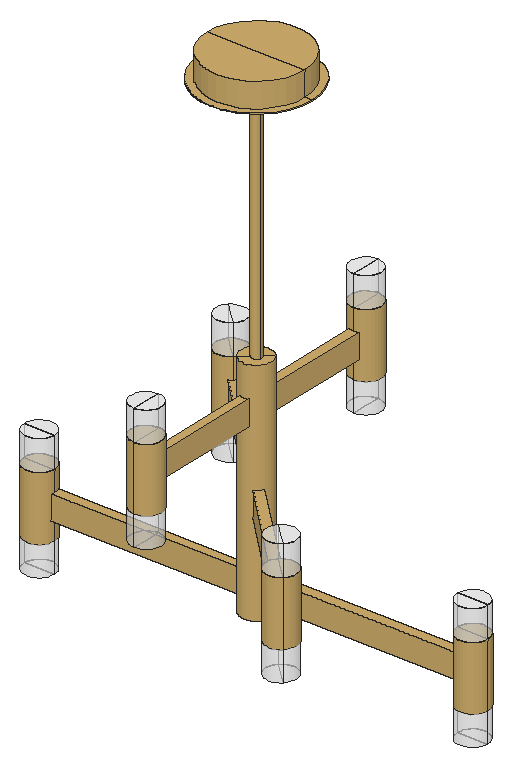
Revit family "3-6097-xx Alarum pendant", category Luminarias, Revit 2021
Family settings
  Anfitrión = Techo
  Cota de conector redondo = Diámetro de uso
  Tipo de pieza = Normal
  Número OmniClass = 23.80.70.11
  Título OmniClass = Luminaries for Internal Lighting
  Siempre vertical = Sí
  Corte con vacíos al cargar = No
  Origen de luz = Sí
  Compartido = No
  Punto de cálculo de habitación = No
Parameters (values of type "3-6097-40 / Aged Brass - Matte White Acrylic")
  Pendant height [instance] = 35.00"
  Comentarios de vataje = "55.88 W at 120 V"  # constant formula
  Wattage = 55.88 W
  built-in parameter 1150110 = 1 (stored number, unit not read)
  Voltage Input = "120 V or 277 V - 50/60 Hz"  # constant formula
  Voltage = 277 V
  URL = ""
  built-in parameter 1114217 = 1 (stored number, unit not read)
  Tilt Angle = 90.00°  # constant formula
  built-in parameter 1150109 = 1 (stored number, unit not read)
  built-in parameter 1150134 = (empty or 0)
  built-in parameter 1150113 = 1 (stored number, unit not read)
  References = "Ref. 3 = 120 V / Ref. 37 = 277 V"  # constant formula
  Archivo de red fotométrica = "3-6095-15 Alarum 20 Lt Pendant.ies"
  Modelo = "3-6097-xxx Alarun (Pendant)"  # constant formula
  Metal Finish = 40 - Aged Brass
  Fabricante = "Oxygen Lighting"  # constant formula
  Main Diffuser = Matte White Acrylic
  Lumens = 3336.04 lm
  built-in parameter 1150115 = 1 (stored number, unit not read)
  built-in parameter 1150105 = 265.47 (stored number, unit not read)
  built-in parameter 1150137 = (empty or 0)
  built-in parameter 1150139 = (empty or 0)
  built-in parameter 1150112 = 1 (stored number, unit not read)
  built-in parameter 1150114 = 1 (stored number, unit not read)
  Lámpara = "LED"  # constant formula
  built-in parameter 1150132 = (empty or 0)
  built-in parameter 1150102 = (empty or 0)
  built-in parameter 1150138 = (empty or 0)
  built-in parameter 1150107 = 3000 (stored number, unit not read)
  built-in parameter 1150106 = 2.6547 (stored number, unit not read)
  built-in parameter 1150104 = 5.5463 (stored number, unit not read)
  Dimming Lamp Color Temperature Shift = (empty or 0)
  Default Elevation = 0.00"
  Color Filter = 16777215
  built-in parameter 1114218 = 1 (stored number, unit not read)
  built-in parameter 1150133 = 10 (stored number, unit not read)
Types (3): name | Pendant height | Metal Finish
  (no name) | 35.00" | 40 - Aged Brass
  3-6097-15 / Black - Matte White Acrylic | 32.10241" | 15 - Black
  3-6097-40 / Aged Brass - Matte White Acrylic | 35.00" | 40 - Aged Brass
Reference planes (in)
  plane 1 "Light Source Axis (F/B)": y = 0
  plane 2 "Ceiling": z = 96
  plane 3 "Light Source Axis (L/R)": x = 0
  plane 4 "Light Source Elevation": z = 61
  plane 5: z = 93.75989
  plane 6: z = 77.11324
Forms (in)
  Revolve 1, solid, material "40 - Aged Brass" <- "Metal Finish"
    sketch origin (0, 0, 0) x (1, 0, 0) y (0, 0, 1)
      loop
        line (0, 96) -> (0, 77.11324) -> (0.31595, 77.11324) -> (0.31595, 93.00202) -> (0.21765, 93.00202) -> (0.21765, 93.10032) -> (0.18229, 93.10032) -> (0.18229, 93.19861) -> (0.21765, 93.19861)
        arc (0.21765, 93.19861) -> (0.27226, 93.22123) -> (0.29488, 93.27585) r 0.07724
        line (0.29488, 93.27585) -> (0.29488, 94.29398)
        arc (0.29488, 94.29398) -> (0.26736, 94.36043) -> (0.2009, 94.38795) r 0.09398
        line (0.2009, 94.38795) -> (3.64991, 94.38795) -> (3.64991, 94.42772) -> (3.15946, 94.42772) -> (3.15946, 96) -> (0, 96)
      axis (0, 96) -> (0, 77.11324)
    angle from 0 to 360
Lines and regions (in)
  symbolic lines
    curve 1: line (-17.5, 13.77739, 0) -> (17.5, 13.77739, 0)
Dimensions and locks (in)
  equal spacing: host sketch curve, plane 3 "Light Source Axis (L/R)", host sketch curve
  equal spacing: host sketch curve, plane 1 "Light Source Axis (F/B)", host sketch curve
  host sketch curve to host sketch curve = 120.00"  (x2)
  locked: plane 2 "Ceiling" to plane 5 at 2.24011
  "Pendant height": plane 2 "Ceiling" to plane 4 "Light Source Elevation"
  locked: plane 6 to plane 4 "Light Source Elevation" at 16.11324
  aligned and locked: plane 4 "Light Source Elevation" to imposter light
  aligned and locked: imposter light to plane 3 "Light Source Axis (L/R)"
  aligned and locked: imposter light to plane 1 "Light Source Axis (F/B)"
  aligned and locked: plane 3 "Light Source Axis (L/R)" to nested 1
  aligned and locked: plane 6 to Revolve 1
  aligned and locked: plane 1 "Light Source Axis (F/B)" to nested 1
  aligned and locked: nested 1 to plane 4 "Light Source Elevation"
Automatic sketch dimensions
  curve 1 to plane 3 "Light Source Axis (L/R)" = 17.50"
  curve 1 to plane 1 "Light Source Axis (F/B)" = 13.77739"
  plane 3 "Light Source Axis (L/R)" to curve 1 = 17.50"
  Revolve 1 sketch curve to plane 3 "Light Source Axis (L/R)" = 0.00"  (x2)
  Revolve 1 sketch curve to plane 2 "Ceiling" = 0.00"
  plane 3 "Light Source Axis (L/R)" to Revolve 1 sketch curve = 0.18229"
  plane 3 "Light Source Axis (L/R)" to Revolve 1 sketch curve = 0.2009"
  Revolve 1 sketch curve to Revolve 1 sketch curve = 0.03536"
  Revolve 1 sketch curve to Revolve 1 sketch curve = 0.03537"
  Revolve 1 sketch curve to Revolve 1 sketch curve = 0.09398"
  plane 3 "Light Source Axis (L/R)" to Revolve 1 sketch curve = 0.31595"
  plane 3 "Light Source Axis (L/R)" to Revolve 1 sketch curve = 3.15946"
  Revolve 1 sketch curve to Revolve 1 sketch curve = 0.49045"
  Revolve 1 sketch curve to plane 5 = 0.66784"
  Revolve 1 sketch curve to Revolve 1 sketch curve = 0.03977"
  plane 5 to Revolve 1 sketch curve = 0.48404"
  Revolve 1 sketch curve to Revolve 1 sketch curve = 0.09829"  (x2)
  Revolve 1 sketch curve to Revolve 1 sketch curve = 15.88879"
  plane 4 "Light Source Elevation" to Revolve 1 sketch curve = 46.64759"
  plane 2 "Ceiling" to Revolve 1 sketch curve = 4.25"
Nested families (in)
  nested 1: "Familia1" at (0, 0, 63.46438), type "Familia1"
Connectors (in)
  electrical at (0, 0, 96), driven by "Voltage"
    settings: on host ceiling, index 1, voltage 277 V, apparent load 0 VA, apparent load phase1 0 VA, apparent load phase2 0 VA, apparent load phase3 0 VA, power factor 1, load classification "Other", number of poles 1, system type 31, power factor state 1, is connector primary yes, connector utility no, sub classification motor no, connector description ""
Definition of nested family "Familia1"
  Parameters (values of type "Familia1")
    met = none
    dif = none
    Metal Finish = none
    Default Elevation = 0.00"
  Reference planes (in)
    plane 1 "Center (Front/Back)": y = 0
    plane 2: z = 0
    plane 3 "Center (Left/Right)": x = 0
  Forms (in)
    Revolve 1, solid, material <- "met", not visible
      sketch origin (62.92501, 4.46564, 0) x (1, 0, 0) y (0, 0, 1)
        loop
          line (-16.01227, 62.4681) -> (-16.01227, 66.59242) -> (-16.99275, 66.59242) -> (-16.99275, 62.4681) -> (-16.01227, 62.4681)
        axis (-16.99275, 66.59242) -> (-16.99275, 62.4681)
      angle from 0 to 360
    Revolve 2, solid, material <- "dif", not visible
      sketch origin (62.92501, 4.46564, 0) x (1, 0, 0) y (0, 0, 1)
        loop
          line (-16.99275, 68.56037) -> (-16.99275, 66.59242) -> (-16.01227, 66.59242) -> (-16.01227, 68.56037) -> (-16.99275, 68.56037)
        loop
          line (-16.01227, 62.4681) -> (-16.99275, 62.4681) -> (-16.99275, 60.50015) -> (-16.01227, 60.50015) -> (-16.01227, 62.4681)
        axis (-16.99275, 60.50015) -> (-16.99275, 68.56037)
      angle from 0 to 360
    Extrusion 3, solid, material <- "met"
      sketch origin (0, 0, -72.93596) x (0.707107, -0.707107, 0) y (0, 0, 1)
        loop
          line (-10.47536, 80.54674) -> (-10.47536, 78.96701) -> (10.47536, 78.96701) -> (10.47536, 80.54674) -> (-10.47536, 80.54674)
      from -0.3 to 0.3
    Extrusion 4, solid, material <- "met"
      sketch origin (0, 0, -78.17364) x (1, 0, 0) y (0, 0, 1)
        loop
          line (-13.04505, 80.54674) -> (-13.04505, 78.96701) -> (13.04505, 78.96701) -> (13.04505, 80.54674) -> (-13.04505, 80.54674)
      from -0.3 to 0.3
    Revolve 5, solid, material <- "met"
      sketch origin (0, 0, -67.69828) x (0.707107, 0.707107, 0) y (0, 0, 1)
        loop
          line (0.98996, 82.52667) -> (0, 82.52667) -> (0, 67.69828) -> (0.98996, 67.69828) -> (0.98996, 82.52667)
        axis (0, 82.52667) -> (0, 67.69828)
      angle from 0 to 360
    Revolve 6, solid, material <- "dif"
      sketch origin (-1.81705, 1.81705, -72.93596) x (0.707107, -0.707107, 0) y (0, 0, 1)
        loop
          line (-7.90567, 83.81151) -> (-8.89563, 83.81151) -> (-8.89563, 81.83158) -> (-7.90567, 81.83158) -> (-7.90567, 83.81151)
        loop
          line (-7.90567, 75.70925) -> (-7.90567, 77.68216) -> (-8.89563, 77.68216) -> (-8.89563, 75.70925) -> (-7.90567, 75.70925)
        axis (-8.89563, 75.70925) -> (-8.89563, 83.81151)
      angle from 0 to 360
    Revolve 7, solid, material <- "met"
      sketch origin (-1.81705, 1.81705, -72.93596) x (0.707107, -0.707107, 0) y (0, 0, 1)
        loop
          line (-7.90567, 81.83158) -> (-8.89563, 81.83158) -> (-8.89563, 77.68216) -> (-7.90567, 77.68216) -> (-7.90567, 81.83158)
        axis (-8.89563, 81.83158) -> (-8.89563, 77.68216)
      angle from 0 to 360
    Revolve 8, solid, material <- "dif"
      sketch origin (-5.13939, 0, -78.17364) x (1, 0, 0) y (0, 0, 1)
        loop
          line (-7.90567, 83.81151) -> (-8.89563, 83.81151) -> (-8.89563, 81.83158) -> (-7.90567, 81.83158) -> (-7.90567, 83.81151)
        loop
          line (-7.90567, 75.70925) -> (-7.90567, 77.68216) -> (-8.89563, 77.68216) -> (-8.89563, 75.70925) -> (-7.90567, 75.70925)
        axis (-8.89563, 75.70925) -> (-8.89563, 83.81151)
      angle from 0 to 360
    Revolve 9, solid, material <- "met"
      sketch origin (-5.13939, 0, -78.17364) x (1, 0, 0) y (0, 0, 1)
        loop
          line (-7.90567, 81.83158) -> (-8.89563, 81.83158) -> (-8.89563, 77.68216) -> (-7.90567, 77.68216) -> (-7.90567, 81.83158)
        axis (-8.89563, 81.83158) -> (-8.89563, 77.68216)
      angle from 0 to 360
    Revolve 10, solid, material <- "dif"
      sketch origin (0, 0, -67.69828) x (0, -1, 0) y (0, 0, -1)
        loop
          line (-7.90567, -83.81151) -> (-7.90567, -81.83158) -> (-8.89563, -81.83158) -> (-8.89563, -83.81151) -> (-7.90567, -83.81151)
        loop
          line (-7.90567, -75.70925) -> (-8.89563, -75.70925) -> (-8.89563, -77.68216) -> (-7.90567, -77.68216) -> (-7.90567, -75.70925)
        axis (-8.89563, -75.70925) -> (-8.89563, -83.81151)
      angle from 0 to 360
    Revolve 11, solid, material <- "met"
      sketch origin (0, 0, -67.69828) x (0, -1, 0) y (0, 0, -1)
        loop
          line (-7.90567, -81.83158) -> (-7.90567, -77.68216) -> (-8.89563, -77.68216) -> (-8.89563, -81.83158) -> (-7.90567, -81.83158)
        axis (-8.89563, -81.83158) -> (-8.89563, -77.68216)
      angle from 0 to 360
    Revolve 12, solid, material <- "dif"
      sketch origin (1.81705, -1.81705, -72.93596) x (-0.707107, 0.707107, 0) y (0, 0, -1)
        loop
          line (-7.90567, -83.81151) -> (-7.90567, -81.83158) -> (-8.89563, -81.83158) -> (-8.89563, -83.81151) -> (-7.90567, -83.81151)
        loop
          line (-7.90567, -75.70925) -> (-8.89563, -75.70925) -> (-8.89563, -77.68216) -> (-7.90567, -77.68216) -> (-7.90567, -75.70925)
        axis (-8.89563, -75.70925) -> (-8.89563, -83.81151)
      angle from 0 to 360
    Revolve 13, solid, material <- "met"
      sketch origin (1.81705, -1.81705, -72.93596) x (-0.707107, 0.707107, 0) y (0, 0, -1)
        loop
          line (-7.90567, -81.83158) -> (-7.90567, -77.68216) -> (-8.89563, -77.68216) -> (-8.89563, -81.83158) -> (-7.90567, -81.83158)
        axis (-8.89563, -81.83158) -> (-8.89563, -77.68216)
      angle from 0 to 360
    Revolve 14, solid, material <- "dif"
      sketch origin (5.13939, 0, -78.17364) x (-1, 0, 0) y (0, 0, -1)
        loop
          line (-7.90567, -83.81151) -> (-7.90567, -81.83158) -> (-8.89563, -81.83158) -> (-8.89563, -83.81151) -> (-7.90567, -83.81151)
        loop
          line (-7.90567, -75.70925) -> (-8.89563, -75.70925) -> (-8.89563, -77.68216) -> (-7.90567, -77.68216) -> (-7.90567, -75.70925)
        axis (-8.89563, -75.70925) -> (-8.89563, -83.81151)
      angle from 0 to 360
    Revolve 15, solid, material <- "met"
      sketch origin (5.13939, 0, -78.17364) x (-1, 0, 0) y (0, 0, -1)
        loop
          line (-7.90567, -81.83158) -> (-7.90567, -77.68216) -> (-8.89563, -77.68216) -> (-8.89563, -81.83158) -> (-7.90567, -81.83158)
        axis (-8.89563, -81.83158) -> (-8.89563, -77.68216)
      angle from 0 to 360
    Revolve 16, solid, material <- "dif"
      sketch origin (0, 0, -67.69828) x (0, 1, 0) y (0, 0, 1)
        loop
          line (-7.90567, 83.81151) -> (-8.89563, 83.81151) -> (-8.89563, 81.83158) -> (-7.90567, 81.83158) -> (-7.90567, 83.81151)
        loop
          line (-7.90567, 75.70925) -> (-7.90567, 77.68216) -> (-8.89563, 77.68216) -> (-8.89563, 75.70925) -> (-7.90567, 75.70925)
        axis (-8.89563, 75.70925) -> (-8.89563, 83.81151)
      angle from 0 to 360
    Revolve 17, solid, material <- "met"
      sketch origin (0, 0, -67.69828) x (0, 1, 0) y (0, 0, 1)
        loop
          line (-7.90567, 81.83158) -> (-8.89563, 81.83158) -> (-8.89563, 77.68216) -> (-7.90567, 77.68216) -> (-7.90567, 81.83158)
        axis (-8.89563, 81.83158) -> (-8.89563, 77.68216)
      angle from 0 to 360
    Extrusion 18, solid, material <- "met"
      sketch origin (0, 0, -67.71654) x (0, 1, 0) y (0, 0, 1)
        loop
          line (-7.90566, 80.54674) -> (-7.90566, 78.96701) -> (7.90567, 78.96701) -> (7.90567, 80.54674) -> (-7.90566, 80.54674)
      from -0.3 to 0.3
  Cuts and joins
    joined: Extrusion 3, Extrusion 4, Revolve 5, Extrusion 18
  Dimensions and locks (in)
    aligned and locked: level to plane 2
